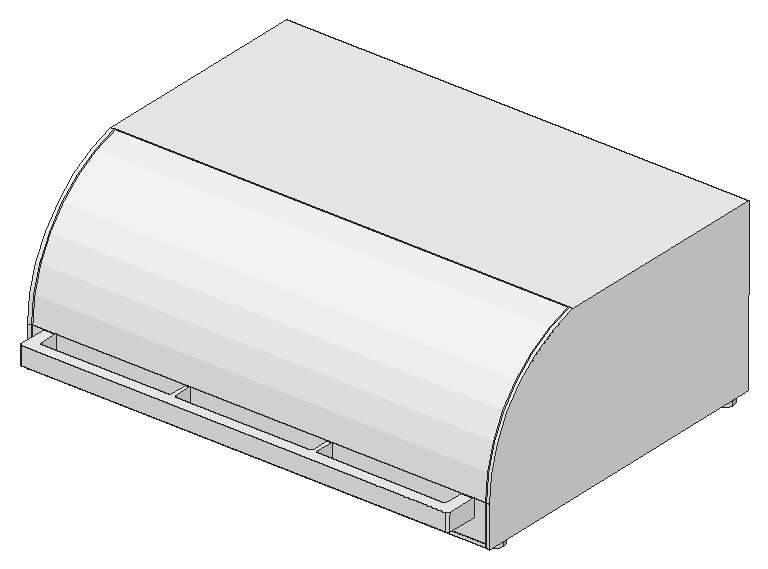
Revit family "QF_Vollrath_NBC11", category Specialty Equipment, Revit 2016
Family settings
  Part Type = Normal
  Round Connector Dimension = Use Diameter
  OmniClass Number = 23.40.40.00
  OmniClass Title = Food Service Equipment and Furnishings
  Work Plane-Based = Yes
  Always vertical = Yes
  Cut with Voids When Loaded = No
  Shared = No
  Room Calculation Point = No
Parameters
  Width = 20"
  Weight in Pounds = 0
  Watermarked By = ""
  URL Cutsheet = ""
  Specification by User [instance] = ""
  Specification by Manufacturer [instance] = ""
  Serial Number [instance] = ""
  Revision Code [instance] = ""
  NAFEM Spec ID Number [instance] = ""
  Model = "NBC11"
  Masterspec [instance] = ""
  Manufacturer = "Vollrath"
  Item Number [instance] = "-"
  Installed By [instance] = ""
  Height = 7 3/8"
  Furnished By [instance] = ""
  Foodservice Equipment Identifier = yes
  Description = "Full Size Nose Case with Front Door"
  Depth = 14"
  Default Elevation = 48"
  CSI MasterFormat = ""
Reference planes (in)
  plane 1 "BACK": y = 0
  plane 2 "BOTTOM": z = 0
  plane 3 "LEFT": x = -16.56573
  plane 4 "RIGHT": x = 3.43427
  plane 5 "Front Inner": y = -14
  plane 6 "Bottom of Body": z = 0.38
  plane 7 "TOP": z = 7.755
  plane 8 "Caster Left": x = -16.00573
  plane 9 "Caster Right": x = 2.87427
  plane 10 "Caster Back": y = -0.56
  plane 11 "Caster Front": y = -13
  plane 12 "Center LR": x = -6.56573
  plane 13: x = -15.31573
  plane 14 "Bottom Handle": z = 1.38
  plane 15: z = 2.13
  plane 16: y = -15.37
Forms (in)
  Extrusion 1, solid, material "QF_Plastic-White-Transparent"
    sketch origin (0, 0, 0) x (1, 0, 0) y (0, 0, 1)
      loop
        line (-16.39573, 0.38) -> (3.26427, 0.38) -> (3.26427, 0.55) -> (-16.39573, 0.55) -> (-16.39573, 0.38)
    from 0 to 14
  Extrusion 2, solid, material "QF_Plastic-White-Transparent"
    sketch origin (0, 0, 0) x (1, 0, 0) y (0, 0, 1)
      loop
        line (3.26427, 7.505) -> (-16.39573, 7.505) -> (-16.39573, 0.55) -> (3.26427, 0.55) -> (3.26427, 7.505)
    from 0 to 0.17
  Blend 3, solid, material "QF_Plastic-White-Transparent"
    base sketch origin (0, 0, 0) x (1, 0, 0) y (0, 1, 0)
      loop
        circle (-16.00573, -0.56) r 0.35
    top sketch origin (0, 0, 0) x (1, 0, 0) y (0, 1, 0)
      loop
        circle (-16.00573, -0.56) r 0.38
    from 0 to 0.38
  Blend 4, solid, material "QF_Plastic-White-Transparent"
    base sketch origin (0, 0, 0) x (1, 0, 0) y (0, 1, 0)
      loop
        circle (2.87427, -0.56) r 0.35
    top sketch origin (0, 0, 0) x (1, 0, 0) y (0, 1, 0)
      loop
        circle (2.87427, -0.56) r 0.38
    from 0 to 0.38
  Blend 5, solid, material "QF_Plastic-White-Transparent"
    base sketch origin (0, 0, 0) x (1, 0, 0) y (0, 1, 0)
      loop
        circle (-16.00573, -13) r 0.35
    top sketch origin (0, 0, 0) x (1, 0, 0) y (0, 1, 0)
      loop
        circle (-16.00573, -13) r 0.38
    from 0 to 0.38
  Blend 6, solid, material "QF_Plastic-White-Transparent"
    base sketch origin (0, 0, 0) x (1, 0, 0) y (0, 1, 0)
      loop
        circle (2.87427, -13) r 0.35
    top sketch origin (0, 0, 0) x (1, 0, 0) y (0, 1, 0)
      loop
        circle (2.87427, -13) r 0.38
    from 0 to 0.38
  Extrusion 7, solid, material "QF_Plastic-White-Transparent"
    sketch origin (-16.56573, 0, 0) x (0, 1, 0) y (0, 0, 1)
      loop
        line (-14, 0.38) -> (0, 0.38) -> (0, 7.755) -> (-9.5, 7.755)
        arc (-9.5, 7.755) -> (-12.73657, 5.73176) -> (-14, 2.13) r 5.76562
        line (-14, 2.13) -> (-14, 0.38)
    from 0 to 0.17188
  Extrusion 8, solid, material "QF_Plastic-White-Transparent"
    sketch origin (3.43427, 0, 0) x (0, 1, 0) y (0, 0, 1)
      loop
        line (0, 7.755) -> (-9.5, 7.755)
        arc (-9.5, 7.755) -> (-12.73657, 5.73176) -> (-14, 2.13) r 5.76563
        line (-14, 2.13) -> (-14, 0.38) -> (0, 0.38) -> (0, 7.755)
    from 0 to -0.17188
  Extrusion 9, solid, material "QF_Plastic-White-Transparent"
    sketch origin (-16.56573, 0, 0) x (0, 1, 0) y (0, 0, 1)
      loop
        line (0, 7.755) -> (-9.5, 7.755) -> (-9.5, 7.505) -> (0, 7.505) -> (0, 7.755)
    from 0 to 20
  Extrusion 10, solid, material "QF_Plastic-White-Transparent"
    sketch origin (-16.56573, 0, 0) x (0, 1, 0) y (0, 0, 1)
      loop
        arc (-9.5, 7.755) -> (-12.73657, 5.73176) -> (-14, 2.13) r 5.76562
        line (-14, 2.13) -> (-14, 0.55) -> (-13.82813, 0.55) -> (-13.82813, 2.13)
        arc (-13.82813, 2.13) -> (-12.61442, 5.60926) -> (-9.5, 7.57869) r 5.59375
        line (-9.5, 7.57869) -> (-9.5, 7.755)
    from 0.17 to 19.83
  Extrusion 11, solid, material "QF_Plastic-White-Transparent"
    sketch origin (0, 0, 1.38) x (0, 1, 0) y (-1, 0, 0)
      loop
        arc (-15.37, -2.63271) -> (-15.34025, -2.70453) -> (-15.26844, -2.73427) r 0.10156
        line (-15.26844, -2.73427) -> (-14, -2.73427) -> (-14, -2.23427) -> (-14.76844, -2.23427)
        arc (-14.76844, -2.23427) -> (-14.84025, -2.20453) -> (-14.87, -2.13271) r 0.10156
        line (-14.87, -2.13271) -> (-14.87, 3.3126)
        arc (-14.87, 3.3126) -> (-14.84025, 3.38442) -> (-14.76844, 3.41416) r 0.10156
        line (-14.76844, 3.41416) -> (-14, 3.41416) -> (-14, 3.58604) -> (-14.76844, 3.58604)
        arc (-14.76844, 3.58604) -> (-14.84025, 3.61578) -> (-14.87, 3.6876) r 0.10156
        line (-14.87, 3.6876) -> (-14.87, 9.44385)
        arc (-14.87, 9.44385) -> (-14.84025, 9.51567) -> (-14.76844, 9.54541) r 0.10156
        line (-14.76844, 9.54541) -> (-14, 9.54541) -> (-14, 9.71729) -> (-14.76844, 9.71729)
        arc (-14.76844, 9.71729) -> (-14.84025, 9.74703) -> (-14.87, 9.81885) r 0.10156
        line (-14.87, 9.81885) -> (-14.87, 15.26416)
        arc (-14.87, 15.26416) -> (-14.84025, 15.33598) -> (-14.76844, 15.36573) r 0.10156
        line (-14.76844, 15.36573) -> (-14, 15.36573) -> (-14, 15.86573) -> (-15.26844, 15.86573)
        arc (-15.26844, 15.86573) -> (-15.34025, 15.83598) -> (-15.37, 15.76416) r 0.10156
        line (-15.37, 15.76416) -> (-15.37, -2.63271)
    from 0 to 0.75
Cuts and joins
  joined: Extrusion 7, Extrusion 8, Extrusion 9
Lines and regions (in)
  symbolic lines
    curve 1: line (-16.56573, 0, 0) -> (3.43427, 0, 0)
    curve 2: line (-16.56573, -14, 0) -> (-16.56573, 0, 0)
    curve 3: line (3.43427, -14, 0) -> (-16.56573, -14, 0)
    curve 4: line (3.43427, 0, 0) -> (3.43427, -14, 0)
    curve 5: line (-15.86573, -14, 1.38) -> (-15.86573, -15.26844, 1.38)
    curve 6: arc (-15.86573, -15.26844, 1.38) -> (-15.83598, -15.34025, 1.38) -> (-15.76416, -15.37, 1.38) r 0.10156
    curve 7: line (-15.76416, -15.37, 1.38) -> (2.63271, -15.37, 1.38)
    curve 8: arc (2.63271, -15.37, 1.38) -> (2.70453, -15.34025, 1.38) -> (2.73427, -15.26844, 1.38) r 0.10156
    curve 9: line (2.73427, -15.26844, 1.38) -> (2.73427, -14, 1.38)
    curve 10: line (2.23427, -14, 1.38) -> (2.23427, -14.76844, 1.38)
    curve 11: arc (2.23427, -14.76844, 1.38) -> (2.20453, -14.84025, 1.38) -> (2.13271, -14.87, 1.38) r 0.10156
    curve 12: line (2.13271, -14.87, 1.38) -> (-3.3126, -14.87, 1.38)
    curve 13: arc (-3.3126, -14.87, 1.38) -> (-3.38442, -14.84025, 1.38) -> (-3.41416, -14.76844, 1.38) r 0.10156
    curve 14: line (-3.41416, -14.76844, 1.38) -> (-3.41416, -14, 1.38)
    curve 15: line (-3.58604, -14, 1.38) -> (-3.58604, -14.76844, 1.38)
    curve 16: arc (-3.58604, -14.76844, 1.38) -> (-3.61578, -14.84025, 1.38) -> (-3.6876, -14.87, 1.38) r 0.10156
    curve 17: line (-3.6876, -14.87, 1.38) -> (-9.44385, -14.87, 1.38)
    curve 18: arc (-9.44385, -14.87, 1.38) -> (-9.51567, -14.84025, 1.38) -> (-9.54541, -14.76844, 1.38) r 0.10156
    curve 19: line (-9.54541, -14.76844, 1.38) -> (-9.54541, -14, 1.38)
    curve 20: line (-9.71729, -14, 1.38) -> (-9.71729, -14.76844, 1.38)
    curve 21: arc (-9.71729, -14.76844, 1.38) -> (-9.74703, -14.84025, 1.38) -> (-9.81885, -14.87, 1.38) r 0.10156
    curve 22: line (-9.81885, -14.87, 1.38) -> (-15.26416, -14.87, 1.38)
    curve 23: arc (-15.26416, -14.87, 1.38) -> (-15.33598, -14.84025, 1.38) -> (-15.36573, -14.76844, 1.38) r 0.10156
    curve 24: line (-15.36573, -14.76844, 1.38) -> (-15.36573, -14, 1.38)
Dimensions and locks (in)
  "Width": plane 3 "LEFT" to plane 4 "RIGHT"
  "Depth": plane 5 "Front Inner" to plane 1 "BACK"
  locked: plane 6 "Bottom of Body" to plane 2 "BOTTOM" at 0.38
  "Height": plane 7 "TOP" to plane 6 "Bottom of Body"
  locked: plane 3 "LEFT" to plane 8 "Caster Left" at 0.56
  locked: plane 9 "Caster Right" to plane 4 "RIGHT" at 0.56
  locked: plane 10 "Caster Back" to plane 1 "BACK" at 0.56
  locked: plane 5 "Front Inner" to plane 11 "Caster Front" at 1
  locked: Extrusion 1 sketch curve to plane 6 "Bottom of Body" at 0.17
  equal spacing: plane 3 "LEFT", plane 12 "Center LR", plane 4 "RIGHT"
  locked: plane 15 to plane 14 "Bottom Handle" at 0.75
  locked: plane 14 "Bottom Handle" to plane 6 "Bottom of Body" at 1
  locked: plane 16 to plane 5 "Front Inner" at 1.37
  aligned and locked: level to plane 2 "BOTTOM"
  aligned and locked: Extrusion 1 sketch curve to plane 6 "Bottom of Body"
  aligned and locked: plane 5 "Front Inner" to Extrusion 1
  aligned and locked: Extrusion 2 sketch curve to Extrusion 1  (x2)
  aligned and locked: plane 6 "Bottom of Body" to Blend 3
  aligned and locked: plane 6 "Bottom of Body" to Blend 4
  aligned and locked: plane 6 "Bottom of Body" to Blend 5
  aligned and locked: plane 6 "Bottom of Body" to Blend 6
  aligned and locked: plane 1 "BACK" to Extrusion 7 sketch curve
  aligned and locked: Extrusion 7 sketch curve to plane 7 "TOP"
  aligned and locked: plane 5 "Front Inner" to Extrusion 7 sketch curve
  aligned and locked: plane 6 "Bottom of Body" to Extrusion 7 sketch curve
  aligned and locked: Extrusion 9 sketch curve to plane 7 "TOP"
  aligned and locked: Extrusion 9 sketch curve to plane 1 "BACK"
  aligned and locked: plane 4 "RIGHT" to Extrusion 9
  aligned and locked: Extrusion 1 to Extrusion 10 sketch curve
  aligned and locked: Extrusion 10 sketch curve to plane 5 "Front Inner"
  aligned and locked: plane 15 to Extrusion 11
  aligned and locked: curve 5 to Extrusion 11
  aligned and locked: curve 7 to Extrusion 11
  aligned and locked: curve 9 to Extrusion 11
  aligned and locked: curve 10 to Extrusion 11
  aligned and locked: curve 12 to Extrusion 11
  aligned and locked: curve 14 to Extrusion 11
  aligned and locked: curve 15 to Extrusion 11
  aligned and locked: curve 17 to Extrusion 11
  aligned and locked: curve 19 to Extrusion 11
  aligned and locked: curve 20 to Extrusion 11
  aligned and locked: curve 22 to Extrusion 11
  aligned and locked: curve 24 to Extrusion 11
Automatic sketch dimensions
  Blend 3 sketch curve to plane 8 "Caster Left" = 0"  (x2)
  plane 10 "Caster Back" to Blend 3 sketch curve = 0"  (x2)
  Blend 4 sketch curve to plane 9 "Caster Right" = 0"  (x2)
  plane 10 "Caster Back" to Blend 4 sketch curve = 0"  (x2)
  Blend 5 sketch curve to plane 8 "Caster Left" = 0"  (x2)
  plane 11 "Caster Front" to Blend 5 sketch curve = 0"  (x2)
  Blend 6 sketch curve to plane 9 "Caster Right" = 0"  (x2)
  plane 11 "Caster Front" to Blend 6 sketch curve = 0"  (x2)
  Extrusion 2 sketch curve to plane 4 "RIGHT" = 0.17"
  Extrusion 2 sketch curve to plane 7 "TOP" = 1/4"
  plane 3 "LEFT" to Extrusion 1 sketch curve = 0.17"
  curve 3 to plane 3 "LEFT" = 0"
  plane 1 "BACK" to curve 2 = 0"
  Extrusion 1 sketch curve to plane 4 "RIGHT" = 0.17"
  curve 3 to plane 4 "RIGHT" = 0"
  plane 5 "Front Inner" to curve 3 = 0"
  Extrusion 7 sketch curve to plane 11 "Caster Front" = 3 1/2"
  plane 6 "Bottom of Body" to Extrusion 7 sketch curve = 1 3/4"
  Extrusion 8 sketch curve to plane 5 "Front Inner" = 0"
  Extrusion 8 sketch curve to plane 7 "TOP" = 0"
  Extrusion 8 sketch curve to plane 1 "BACK" = 0"
  Extrusion 8 sketch curve to plane 6 "Bottom of Body" = 0"
  plane 6 "Bottom of Body" to Extrusion 8 sketch curve = 1 3/4"
  Extrusion 8 sketch curve to Extrusion 8 sketch curve = 5 49/64"
  Extrusion 9 sketch curve to plane 7 "TOP" = 1/4"
  Extrusion 9 sketch curve to plane 11 "Caster Front" = 3 1/2"
  Extrusion 10 sketch curve to Extrusion 10 sketch curve = 0"  (x2)
  Extrusion 10 sketch curve to plane 7 "TOP" = 0"
  Extrusion 10 sketch curve to plane 5 "Front Inner" = 11/64"
  Extrusion 10 sketch curve to plane 11 "Caster Front" = 3 1/2"
  plane 6 "Bottom of Body" to Extrusion 10 sketch curve = 1 3/4"
  plane 16 to Extrusion 11 sketch curve = 0"
  plane 5 "Front Inner" to Extrusion 11 sketch curve = 0"  (x4)
  Extrusion 11 sketch curve to Extrusion 11 sketch curve = 13/128"  (x7)
  Extrusion 11 sketch curve to plane 16 = 13/128"
  Extrusion 11 sketch curve to plane 16 = 1/2"  (x2)
  Extrusion 11 sketch curve to Extrusion 11 sketch curve = 0"
  Extrusion 11 sketch curve to plane 13 = 0.05"
  Extrusion 11 sketch curve to plane 12 "Center LR" = 3.25313"
  Extrusion 11 sketch curve to Extrusion 11 sketch curve = 11/64"  (x2)
  plane 12 "Center LR" to Extrusion 11 sketch curve = 2.87813"
  Extrusion 11 sketch curve to plane 9 "Caster Right" = 0.74156"
  Extrusion 11 sketch curve to plane 9 "Caster Right" = 0.24156"
  plane 8 "Caster Left" to Extrusion 11 sketch curve = 0.24156"
  plane 5 "Front Inner" to curve 5 = 0"
  curve 5 to plane 16 = 13/128"
  curve 8 to curve 8 = 13/128"
  plane 5 "Front Inner" to curve 9 = 0"
  plane 5 "Front Inner" to curve 10 = 0"
  curve 10 to curve 11 = 13/128"
  plane 5 "Front Inner" to curve 14 = 0"
  plane 5 "Front Inner" to curve 15 = 0"
  curve 15 to curve 13 = 0"
  curve 15 to curve 16 = 13/128"
  plane 5 "Front Inner" to curve 19 = 0"
  plane 5 "Front Inner" to curve 20 = 0"
  curve 20 to curve 18 = 0"
  curve 20 to curve 21 = 13/128"
  plane 13 to curve 22 = 0.05156"
  plane 5 "Front Inner" to curve 24 = 0"
  radius of Blend 3 sketch curve = 0.35"
  radius of Blend 3 sketch curve = 0.38"
  radius of Blend 4 sketch curve = 0.35"
  radius of Blend 4 sketch curve = 0.38"
  radius of Blend 5 sketch curve = 0.35"
  radius of Blend 5 sketch curve = 0.38"
  radius of Blend 6 sketch curve = 0.35"
  radius of Blend 6 sketch curve = 0.38"
